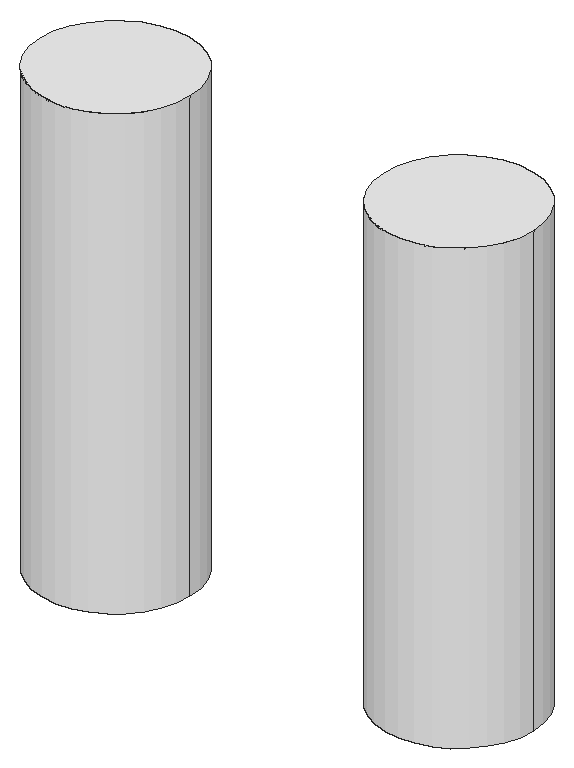
Revit family "07772203", category Plumbing Fixtures, Revit 2017
Family settings
  Round Connector Dimension = Use Diameter
  Part Type = Normal
  OmniClass Number = 23.45.55.00
  OmniClass Title = Sanitary Faucets, Wastes
  Work Plane-Based = No
  Always vertical = Yes
  Cut with Voids When Loaded = No
  Shared = No
  Room Calculation Point = No
Parameters (values of type "07772203 Kitchen faucet with dishwasher valve, 230/12 V")
  WorkingPressure = "100- 1000 kPa"
  WarrantyStartDate [instance] = "n/a"
  WarrantyGuarantorParts = "n/a"
  WarrantyGuarantorLabor = "n/a"
  WarrantyDurationUnit = "Year"
  WarrantyDurationParts = "n/a"
  WarrantyDurationLabor = "n/a"
  WarrantyDescription = "http://warranty.hansa.com"
  VersionDate = "12/06/2019"  # constant formula
  Version = "1"  # constant formula
  ValvePattern = "n/a"
  ValveOperation = "n/a"
  ValveMechanism = "n/a"
  Uniclass2015Reference = "Pr_40_20_87_82"
  Uniclass2015Description = "Sink manual water supply sets"
  Uniclass2 = "Pr_40_30_96_45"
  URL = ""
  TestPressure = "n/a"
  TagNumber [instance] = "n/a"
  SustainabilityPerformance = "n/a"
  Spout Type = "Swivel spout"
  Spout Swivel Range = "110° (85° / 60°)"
  Spare Parts = "http://static.hansa.com/sp/07772203"
  Size = "80x255x300 mm"
  Shape = "Sculptured"
  SerialNumber [instance] = "n/a"
  Safety Sales Arguments = "Valve for shutting off the water inlet for a dishwasher or washing machine at the fitting."
  Revision = "n/a"
  ReplacementCost = "n/a"
  Protection Class = "IP 44"
  Projection = 200 mm
  ProductInformation = "n/a"
  Product URL = "http://static.hansa.com/07772203"
  Product Image URL = "http://static.hansa.com/image/07772203"
  Product Family = "ALESSI Sense by HANSA"
  Product Datasheet = "http://www.hansa.com/datasheet/07772203/en"
  Product Code = "07772203"
  Pipes = "Flexible inlet pipe(s)"
  Package external Dimensions = "693 x 177 x 92"
  Package Weight = "3.762 kg"
  OperatingMechanismMaterial = "n/a"
  Operating Voltage = 12 V
  NominalWidth = 79.663 mm
  NominalHeight = 302.3 mm
  NominalDepth = 254.2 mm
  Noise Class = "I (ISO 3822)"
  Name_en = "07772203 Kitchen faucet with dishwasher valve, 230/12 V"
  Name = "07772203 Kitchen faucet with dishwasher valve, 230/12 V"
  NBSReference = "45-35-70/371"
  NBSDescription = "Water supply fittings for wash basin and troughs"
  Mounting Holes = "1 mounting hole"
  ModelReference = "07772203"
  ModelNumber = "n/a"
  Model = "07772203 Kitchen faucet with dishwasher valve, 230/12 V"
  Max. Hot Water Supply = 70 °C
  Max Flow Period = 6.0 s
  Material = "Brass"
  Market = "AUT;BEL;DEU;ESP;FRA;INT;ITA;NLD"
  ManufacturerName = "Hansa"
  Manufacturer = "Hansa"
  ManufacterURL = "http://www.hansa.com/"
  Lever Handle = "Temperature control handle;Flow control handle"
  InstallationDate [instance] = "n/a"
  Installation and Maintenance = "http://static.hansa.com/manual/07772203"
  Installation Type = "Deck mounted"
  InletConnectionSize = 10 mm
  IfcExportType = "FAUCET"  # constant formula
  IfcExportAs = "IfcValveType"  # constant formula
  Group = "Kitchen faucets"
  Grade = "n/a"
  FlowCoefficient = 0
  Flow Rate At 300kPa = 0.14 L/s
  Flow Drawing URL = "http://static.hansa.com/flowchart/07772203"
  Finish = "Polished"
  Features = "Tiptronic, plug transformer"
  FaucetMainMaterial = Brass
  FDV Document URL = "http://www.hansa.com/datasheet/07772203/en/fdv"
  ExpectedLife = "n/a"
  Electronic Parts = "Signal lights;Control unit"
  Electrical Connection = "230 / 12 V"
  EMC Directive = "2004/108/EY"
  EAN Number = "4015470030439"
  DurationUnit = "Year"
  Dishwasher Valve Open Period = "4 h / 12 h"
  Dishwasher Valve = "Electronic dishwasher valve"
  Dimension Drawing URL = "http://static.hansa.com/dimdrw/07772203"
  Description = ""
  DefaultElevation [instance] = 900 mm
  DN Size = "DN15"
  Customs Code = "84818011"
  ConvergoRefNr = "0087-1906-0050-FI"
  Constituents = "n/a"
  Connection Size = "G3/8"
  Connection = "Flexible Inlet Pipes"
  Color = "Chrome/White"
  CodePerformance = "n/a"
  CloseOffRating = 0
  Class = "Tiptronic, plug transformer"
  Category = "Kitchen"
  Catalog Drawing URL = "http://static.hansa.com/catdrw/07772203"
  Brand = "Hansa"
  BodyMaterial = "Brass"
  Barcode [instance] = "n/a"
  BIMObjectName = "07772203"
  Automatic Flush Period = "30 s (10-600 s)"
  Automatic Flush = "off (off/12/24/48/72 h)"
  Author = "Convergo AB"  # constant formula
  AssetType = "Fixed"
  AssetIdentifier [instance] = "n/a"
  Aerator = "CACHÉ® integrated aerator;CASCADE®"
  Advanced Features = "Adjustable settings (with magnetic key)"
  AccessibilityPerformance = "n/a"
  2D/3D/BIM Files URL = "http://static.hansa.com/bim/07772203"
Reference planes
  plane 1 "Center (Front/Back)": y = 0
  plane 2: z = 0
  plane 3 "Center (Left/Right)": x = 0
  plane 4: z = 900
  plane 5: z = 870
  plane 6: y = -254.2
  plane 7: z = 1202.3
  plane 8: x = -30.48
  plane 9: x = 30.48
  plane 10: x = 49.183
Forms (mm)
  Extrusion 1, solid, material "Brass" <- "FaucetMainMaterial"
    sketch origin (0, 3.445, 0) x (1, 0, 0) y (0, 1, 0)
      loop
        circle (-11.5, -29) r 5
      loop
        circle (11.5, -29) r 5
    from 870 to 900
Dimensions and locks
  "DefaultElevation": plane 4 to level
  locked: plane 4 to plane 5 at 30
  "NominalDepth": plane 6 to plane 1 "Center (Front/Back)"
  "NominalHeight": plane 7 to plane 4
  equal spacing: plane 8, plane 3 "Center (Left/Right)", plane 9
  "NominalWidth": plane 8 to plane 10
  "InletConnectionSize": diameter of Extrusion 1 sketch curve  (x2)
  aligned and locked: level to plane 2
  aligned and locked: plane 4 to Extrusion 1
  aligned and locked: Extrusion 1 to plane 5
  aligned and locked: nested 2 to plane 4
  aligned and locked: plane 1 "Center (Front/Back)" to nested 1
  aligned and locked: plane 3 "Center (Left/Right)" to nested 1
Automatic sketch dimensions
  Extrusion 1 sketch curve to plane 3 "Center (Left/Right)" = 11.5 mm
  plane 3 "Center (Left/Right)" to Extrusion 1 sketch curve = 11.5 mm
  plane 1 "Center (Front/Back)" to Extrusion 1 sketch curve = 25.555 mm
  Extrusion 1 sketch curve to Extrusion 1 sketch curve = 0 mm
Nested families
  nested 1: "Symbol" at (0, 0, 0), type "Symbol", detail levels coarse
  nested 2: "07772203_p" at (0, 0, 900), Material <- "FaucetMainMaterial", type "07772203_p"
    with Material Brass
Connectors
  piping at (-11.5, -25.555, 870), diameter 10, driven by "InletConnectionSize", driven by "Flow Rate At 300kPa"
    settings: on Extrusion 1, index 1, connector inside diameter 609.6 mm, connector length 0 mm, flow factor 0, pipe flow 0.14 L/s, pressure drop 0.0 Pa, fitting loss kfactor 0, connector angle 0.00°, fixture units 0, engagement length 0 mm, angle of deflection 0.00°, flow configuration 1, flow direction 1, fitting loss method 0, system type 19, joint type 0, gender type 0, connector reference index -1, connector utility 0, adjustable connector no, is connector primary yes, connector description ""
  piping at (11.5, -25.555, 870), diameter 10, driven by "InletConnectionSize", driven by "Flow Rate At 300kPa"
    settings: on Extrusion 1, index 2, connector inside diameter 609.6 mm, connector length 0 mm, flow factor 0, pipe flow 0.14 L/s, pressure drop 0.0 Pa, fitting loss kfactor 0, connector angle 0.00°, fixture units 0, engagement length 0 mm, angle of deflection 0.00°, flow configuration 1, flow direction 1, fitting loss method 0, system type 20, joint type 0, gender type 0, connector reference index -1, connector utility 0, adjustable connector no, is connector primary no, connector description ""
Definition of nested family "Symbol"
  Reference planes
    plane 1: y = 0
    plane 2: x = 0
  Lines and regions (mm)
    detail lines
      curve 1: line (0, 0, 0) -> (0, -1.8, 0)
      curve 2: line (-0.4, -1.1, 0) -> (0.4, -1.1, 0)
      curve 3: line (-0.4, -1.4, 0) -> (0.4, -1.4, 0)
      curve 4: line (0.863, 0, 0) -> (-0.863, 0, 0)
      curve 5: circle (-1.163, 0, 0) r 0.3 normal (0, 0, -1)
      curve 6: circle (1.163, 0, 0) r 0.3 normal (0, 0, 1)
